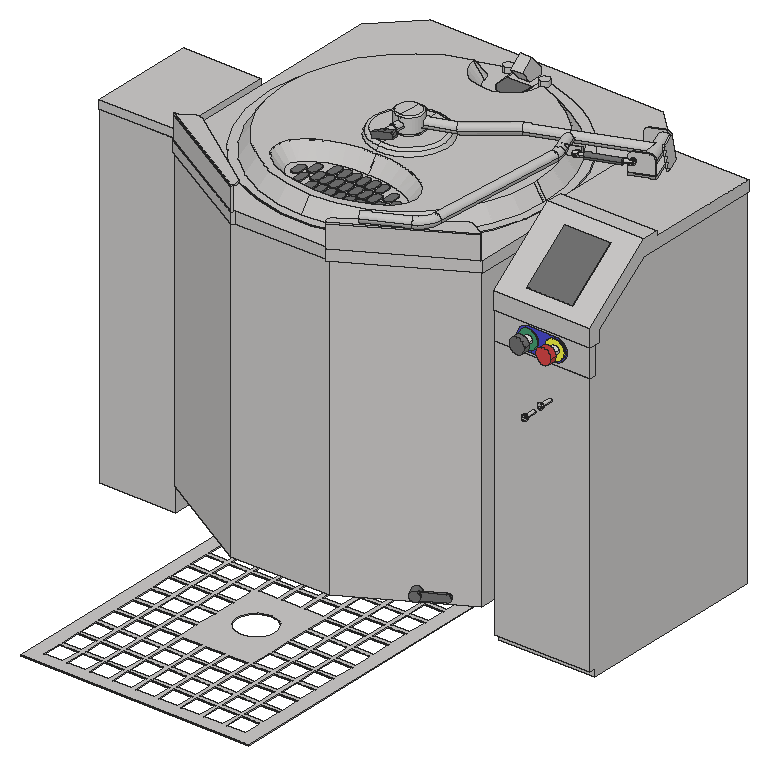
Revit family "QF_DIETATEC_CELER_200_180516040045", category Specialty Equipment, Revit 2015 (continued)
Definition of nested family "QF_Dietatec_CELER_200_FL"
  Lines and regions (mm)
    symbolic lines
      curve 132: line (568.963, -1259.201, 0) -> (568.963, -1209.201, 0)
      curve 133: line (578.963, -1259.201, 0) -> (628.963, -1259.201, 0)
      curve 134: line (578.963, -1209.201, 0) -> (578.963, -1259.201, 0)
      curve 135: line (628.963, -1209.201, 0) -> (578.963, -1209.201, 0)
      curve 136: line (628.963, -1259.201, 0) -> (628.963, -1209.201, 0)
      curve 137: line (638.963, -1259.201, 0) -> (688.963, -1259.201, 0)
      curve 138: line (638.963, -1209.201, 0) -> (638.963, -1259.201, 0)
      curve 139: line (688.963, -1209.201, 0) -> (638.963, -1209.201, 0)
      curve 140: line (688.963, -1259.201, 0) -> (688.963, -1209.201, 0)
      curve 141: line (158.963, -1199.201, 0) -> (208.963, -1199.201, 0)
      curve 142: line (158.963, -1149.201, 0) -> (158.963, -1199.201, 0)
      curve 143: line (208.963, -1149.201, 0) -> (158.963, -1149.201, 0)
      curve 144: line (208.963, -1199.201, 0) -> (208.963, -1149.201, 0)
      curve 145: line (218.963, -1199.201, 0) -> (268.963, -1199.201, 0)
      curve 146: line (218.963, -1149.201, 0) -> (218.963, -1199.201, 0)
      curve 147: line (268.963, -1149.201, 0) -> (218.963, -1149.201, 0)
      curve 148: line (268.963, -1199.201, 0) -> (268.963, -1149.201, 0)
      curve 149: line (278.963, -1199.201, 0) -> (328.963, -1199.201, 0)
      curve 150: line (278.963, -1149.201, 0) -> (278.963, -1199.201, 0)
      curve 151: line (328.963, -1149.201, 0) -> (278.963, -1149.201, 0)
      curve 152: line (328.963, -1199.201, 0) -> (328.963, -1149.201, 0)
      curve 153: line (338.963, -1199.201, 0) -> (388.963, -1199.201, 0)
      curve 154: line (338.963, -1149.201, 0) -> (338.963, -1199.201, 0)
      curve 155: line (388.963, -1149.201, 0) -> (338.963, -1149.201, 0)
      curve 156: line (388.963, -1199.201, 0) -> (388.963, -1149.201, 0)
      curve 157: line (398.963, -1199.201, 0) -> (448.963, -1199.201, 0)
      curve 158: line (398.963, -1149.201, 0) -> (398.963, -1199.201, 0)
      curve 159: line (448.963, -1149.201, 0) -> (398.963, -1149.201, 0)
      curve 160: line (448.963, -1199.201, 0) -> (448.963, -1149.201, 0)
      curve 161: line (458.963, -1199.201, 0) -> (508.963, -1199.201, 0)
      curve 162: line (458.963, -1149.201, 0) -> (458.963, -1199.201, 0)
      curve 163: line (508.963, -1149.201, 0) -> (458.963, -1149.201, 0)
      curve 164: line (508.963, -1199.201, 0) -> (508.963, -1149.201, 0)
      curve 165: line (518.963, -1199.201, 0) -> (568.963, -1199.201, 0)
      curve 166: line (518.963, -1149.201, 0) -> (518.963, -1199.201, 0)
      curve 167: line (568.963, -1149.201, 0) -> (518.963, -1149.201, 0)
      curve 168: line (568.963, -1199.201, 0) -> (568.963, -1149.201, 0)
      curve 169: line (578.963, -1199.201, 0) -> (628.963, -1199.201, 0)
      curve 170: line (578.963, -1149.201, 0) -> (578.963, -1199.201, 0)
      curve 171: line (628.963, -1149.201, 0) -> (578.963, -1149.201, 0)
      curve 172: line (628.963, -1199.201, 0) -> (628.963, -1149.201, 0)
      curve 173: line (638.963, -1199.201, 0) -> (688.963, -1199.201, 0)
      curve 174: line (638.963, -1149.201, 0) -> (638.963, -1199.201, 0)
      curve 175: line (688.963, -1149.201, 0) -> (638.963, -1149.201, 0)
      curve 176: line (688.963, -1199.201, 0) -> (688.963, -1149.201, 0)
      curve 177: line (158.963, -1139.201, 0) -> (208.963, -1139.201, 0)
      curve 178: line (158.963, -1089.201, 0) -> (158.963, -1139.201, 0)
      curve 179: line (208.963, -1089.201, 0) -> (158.963, -1089.201, 0)
      curve 180: line (208.963, -1139.201, 0) -> (208.963, -1089.201, 0)
      curve 181: line (218.963, -1139.201, 0) -> (268.963, -1139.201, 0)
      curve 182: line (218.963, -1089.201, 0) -> (218.963, -1139.201, 0)
      curve 183: line (268.963, -1089.201, 0) -> (218.963, -1089.201, 0)
      curve 184: line (268.963, -1139.201, 0) -> (268.963, -1089.201, 0)
      curve 185: line (278.963, -1139.201, 0) -> (328.963, -1139.201, 0)
      curve 186: line (278.963, -1089.201, 0) -> (278.963, -1139.201, 0)
      curve 187: line (328.963, -1089.201, 0) -> (278.963, -1089.201, 0)
      curve 188: line (328.963, -1139.201, 0) -> (328.963, -1089.201, 0)
      curve 189: line (338.963, -1139.201, 0) -> (388.963, -1139.201, 0)
      curve 190: line (338.963, -1089.201, 0) -> (338.963, -1139.201, 0)
      curve 191: line (388.963, -1089.201, 0) -> (338.963, -1089.201, 0)
      curve 192: line (388.963, -1139.201, 0) -> (388.963, -1089.201, 0)
      curve 193: line (398.963, -1139.201, 0) -> (448.963, -1139.201, 0)
      curve 194: line (398.963, -1089.201, 0) -> (398.963, -1139.201, 0)
      curve 195: line (448.963, -1089.201, 0) -> (398.963, -1089.201, 0)
      curve 196: line (448.963, -1139.201, 0) -> (448.963, -1089.201, 0)
      curve 197: line (458.963, -1139.201, 0) -> (508.963, -1139.201, 0)
      curve 198: line (458.963, -1089.201, 0) -> (458.963, -1139.201, 0)
      curve 199: line (508.963, -1089.201, 0) -> (458.963, -1089.201, 0)
      curve 200: line (508.963, -1139.201, 0) -> (508.963, -1089.201, 0)
      curve 201: line (518.963, -1139.201, 0) -> (568.963, -1139.201, 0)
      curve 202: line (518.963, -1089.201, 0) -> (518.963, -1139.201, 0)
      curve 203: line (568.963, -1089.201, 0) -> (518.963, -1089.201, 0)
      curve 204: line (568.963, -1139.201, 0) -> (568.963, -1089.201, 0)
      curve 205: line (578.963, -1139.201, 0) -> (628.963, -1139.201, 0)
      curve 206: line (578.963, -1089.201, 0) -> (578.963, -1139.201, 0)
      curve 207: line (628.963, -1089.201, 0) -> (578.963, -1089.201, 0)
      curve 208: line (628.963, -1139.201, 0) -> (628.963, -1089.201, 0)
      curve 209: line (638.963, -1139.201, 0) -> (688.963, -1139.201, 0)
      curve 210: line (638.963, -1089.201, 0) -> (638.963, -1139.201, 0)
      curve 211: line (688.963, -1089.201, 0) -> (638.963, -1089.201, 0)
      curve 212: line (688.963, -1139.201, 0) -> (688.963, -1089.201, 0)
      curve 213: line (158.963, -1079.201, 0) -> (208.963, -1079.201, 0)
      curve 214: line (158.963, -1029.201, 0) -> (158.963, -1079.201, 0)
      curve 215: line (208.963, -1029.201, 0) -> (158.963, -1029.201, 0)
      curve 216: line (208.963, -1079.201, 0) -> (208.963, -1029.201, 0)
      curve 217: line (218.963, -1079.201, 0) -> (268.963, -1079.201, 0)
      curve 218: line (218.963, -1029.201, 0) -> (218.963, -1079.201, 0)
      curve 219: line (268.963, -1029.201, 0) -> (218.963, -1029.201, 0)
      curve 220: line (268.963, -1079.201, 0) -> (268.963, -1029.201, 0)
      curve 221: line (278.963, -1079.201, 0) -> (328.963, -1079.201, 0)
      curve 222: line (278.963, -1029.201, 0) -> (278.963, -1079.201, 0)
      curve 223: line (328.963, -1029.201, 0) -> (278.963, -1029.201, 0)
      curve 224: line (328.963, -1079.201, 0) -> (328.963, -1029.201, 0)
      curve 225: line (518.963, -1079.201, 0) -> (568.963, -1079.201, 0)
      curve 226: line (518.963, -1029.201, 0) -> (518.963, -1079.201, 0)
      curve 227: line (568.963, -1029.201, 0) -> (518.963, -1029.201, 0)
      curve 228: line (568.963, -1079.201, 0) -> (568.963, -1029.201, 0)
      curve 229: line (578.963, -1079.201, 0) -> (628.963, -1079.201, 0)
      curve 230: line (578.963, -1029.201, 0) -> (578.963, -1079.201, 0)
      curve 231: line (628.963, -1029.201, 0) -> (578.963, -1029.201, 0)
      curve 232: line (628.963, -1079.201, 0) -> (628.963, -1029.201, 0)
      curve 233: line (638.963, -1079.201, 0) -> (688.963, -1079.201, 0)
      curve 234: line (638.963, -1029.201, 0) -> (638.963, -1079.201, 0)
      curve 235: line (688.963, -1029.201, 0) -> (638.963, -1029.201, 0)
      curve 236: line (688.963, -1079.201, 0) -> (688.963, -1029.201, 0)
      curve 237: line (158.963, -1019.201, 0) -> (208.963, -1019.201, 0)
      curve 238: line (158.963, -969.201, 0) -> (158.963, -1019.201, 0)
      curve 239: line (208.963, -969.201, 0) -> (158.963, -969.201, 0)
      curve 240: line (208.963, -1019.201, 0) -> (208.963, -969.201, 0)
      curve 241: line (218.963, -1019.201, 0) -> (268.963, -1019.201, 0)
      curve 242: line (218.963, -969.201, 0) -> (218.963, -1019.201, 0)
      curve 243: line (268.963, -969.201, 0) -> (218.963, -969.201, 0)
      curve 244: line (268.963, -1019.201, 0) -> (268.963, -969.201, 0)
      curve 245: line (278.963, -1019.201, 0) -> (328.963, -1019.201, 0)
      curve 246: line (278.963, -969.201, 0) -> (278.963, -1019.201, 0)
      curve 247: line (328.963, -969.201, 0) -> (278.963, -969.201, 0)
      curve 248: line (328.963, -1019.201, 0) -> (328.963, -969.201, 0)
      curve 249: line (518.963, -1019.201, 0) -> (568.963, -1019.201, 0)
      curve 250: line (518.963, -969.201, 0) -> (518.963, -1019.201, 0)
      curve 251: line (568.963, -969.201, 0) -> (518.963, -969.201, 0)
      curve 252: line (568.963, -1019.201, 0) -> (568.963, -969.201, 0)
      curve 253: line (578.963, -1019.201, 0) -> (628.963, -1019.201, 0)
      curve 254: line (578.963, -969.201, 0) -> (578.963, -1019.201, 0)
      curve 255: line (628.963, -969.201, 0) -> (578.963, -969.201, 0)
      curve 256: line (628.963, -1019.201, 0) -> (628.963, -969.201, 0)
      curve 257: line (638.963, -1019.201, 0) -> (688.963, -1019.201, 0)
      curve 258: line (638.963, -969.201, 0) -> (638.963, -1019.201, 0)
      curve 259: line (688.963, -969.201, 0) -> (638.963, -969.201, 0)
      curve 260: line (688.963, -1019.201, 0) -> (688.963, -969.201, 0)
      curve 261: line (158.963, -959.201, 0) -> (208.963, -959.201, 0)
      curve 262: line (158.963, -909.201, 0) -> (158.963, -959.201, 0)
      curve 263: line (208.963, -909.201, 0) -> (158.963, -909.201, 0)
      curve 264: line (208.963, -959.201, 0) -> (208.963, -909.201, 0)
      curve 265: line (218.963, -959.201, 0) -> (268.963, -959.201, 0)
      curve 266: line (218.963, -909.201, 0) -> (218.963, -959.201, 0)
      curve 267: line (268.963, -909.201, 0) -> (218.963, -909.201, 0)
      curve 268: line (268.963, -959.201, 0) -> (268.963, -909.201, 0)
      curve 269: line (278.963, -959.201, 0) -> (328.963, -959.201, 0)
      curve 270: line (278.963, -909.201, 0) -> (278.963, -959.201, 0)
      curve 271: line (328.963, -909.201, 0) -> (278.963, -909.201, 0)
      curve 272: line (328.963, -959.201, 0) -> (328.963, -909.201, 0)
      curve 273: line (518.963, -959.201, 0) -> (568.963, -959.201, 0)
      curve 274: line (518.963, -909.201, 0) -> (518.963, -959.201, 0)
      curve 275: line (568.963, -909.201, 0) -> (518.963, -909.201, 0)
      curve 276: line (568.963, -959.201, 0) -> (568.963, -909.201, 0)
      curve 277: line (578.963, -959.201, 0) -> (628.963, -959.201, 0)
      curve 278: line (578.963, -909.201, 0) -> (578.963, -959.201, 0)
      curve 279: line (628.963, -909.201, 0) -> (578.963, -909.201, 0)
      curve 280: line (628.963, -959.201, 0) -> (628.963, -909.201, 0)
      curve 281: line (638.963, -959.201, 0) -> (688.963, -959.201, 0)
      curve 282: line (638.963, -909.201, 0) -> (638.963, -959.201, 0)
      curve 283: line (688.963, -909.201, 0) -> (638.963, -909.201, 0)
      curve 284: line (688.963, -959.201, 0) -> (688.963, -909.201, 0)
      curve 285: line (158.963, -899.201, 0) -> (208.963, -899.201, 0)
      curve 286: line (158.963, -849.201, 0) -> (158.963, -899.201, 0)
      curve 287: line (208.963, -849.201, 0) -> (158.963, -849.201, 0)
      curve 288: line (208.963, -899.201, 0) -> (208.963, -849.201, 0)
      curve 289: line (218.963, -899.201, 0) -> (268.963, -899.201, 0)
      curve 290: line (218.963, -849.201, 0) -> (218.963, -899.201, 0)
      curve 291: line (242.625, -849.201, 0) -> (218.963, -849.201, 0)
      curve 292: line (268.963, -899.201, 0) -> (268.963, -864.407, 0)
      curve 293: line (278.963, -899.201, 0) -> (328.963, -899.201, 0)
      curve 294: line (278.963, -870.18, 0) -> (278.963, -899.201, 0)
      curve 295: line (328.963, -899.201, 0) -> (328.963, -874.954, 0)
      curve 296: line (518.963, -899.201, 0) -> (568.963, -899.201, 0)
      curve 297: line (518.963, -874.954, 0) -> (518.963, -899.201, 0)
      curve 298: line (568.963, -899.201, 0) -> (568.963, -870.18, 0)
      curve 299: line (578.963, -899.201, 0) -> (628.963, -899.201, 0)
      curve 300: line (578.963, -864.407, 0) -> (578.963, -899.201, 0)
      curve 301: line (628.963, -899.201, 0) -> (628.963, -867.899, 0)
      curve 302: line (638.963, -899.201, 0) -> (688.963, -899.201, 0)
      curve 303: line (638.963, -863.022, 0) -> (638.963, -899.201, 0)
      curve 304: line (688.963, -849.201, 0) -> (667.3, -849.201, 0)
      curve 305: line (688.963, -899.201, 0) -> (688.963, -849.201, 0)
      curve 306: arc (735.97, -766.993, 0) -> (729.638, -785.381, 0) -> (714.961, -798.14, 0) r 37.57
      curve 307: arc (726.303, -820.423, 0) -> (750.495, -799.394, 0) -> (760.931, -769.086, 0) r 61.924
      curve 308: arc (785.792, -413.556, 0) -> (785.254, -399.87, 0) -> (781.767, -386.625, 0) r 62.903
      curve 309: arc (758.563, -395.937, 0) -> (760.542, -403.456, 0) -> (760.848, -411.226, 0) r 35.711
      curve 310: line (806.484, -360.326, 0) -> (776.143, -371.973, 0)
      curve 311: line (777.218, -374.774, 0) -> (807.559, -363.127, 0)
      curve 312: line (807.559, -363.127, 0) -> (806.484, -360.326, 0)
      curve 313: line (792.347, -354.774, 0) -> (796.081, -353.34, 0)
      curve 314: line (804.654, -367.303, 0) -> (795.318, -370.886, 0)
      curve 315: line (803.116, -384.643, 0) -> (808.064, -382.743, 0)
      curve 316: line (817.683, -362.877, 0) -> (823.059, -376.88, 0)
      curve 317: line (894.237, -333.491, 0) -> (899.612, -347.494, 0)
      curve 318: line (792.347, -354.774, 0) -> (791.771, -356.066, 0)
      curve 319: line (791.771, -356.066, 0) -> (795.086, -364.701, 0)
      curve 320: line (795.318, -370.886, 0) -> (794.294, -368.219, 0)
      curve 321: line (796.081, -353.34, 0) -> (797.373, -353.916, 0)
      curve 322: line (797.373, -353.916, 0) -> (800.688, -362.551, 0)
      curve 323: line (804.654, -367.303, 0) -> (803.63, -364.635, 0)
      curve 324: line (803.116, -384.643, 0) -> (802.005, -381.749, 0)
      curve 325: line (798.739, -373.362, 0) -> (797.182, -370.171, 0)
      curve 326: line (808.064, -382.743, 0) -> (806.953, -379.849, 0)
      curve 327: line (803.769, -371.431, 0) -> (802.79, -368.018, 0)
      curve 328: line (795.079, -374.767, 0) -> (818.758, -365.677, 0)
      curve 329: line (798.304, -383.169, 0) -> (821.984, -374.08, 0)
      curve 330: arc (795.079, -374.767, 0) -> (795.405, -379.462, 0) -> (798.304, -383.169, 0) r 8.039
      curve 331: line (817.683, -362.877, 0) -> (894.237, -333.491, 0)
      curve 332: line (823.059, -376.88, 0) -> (899.612, -347.494, 0)
      curve 333: line (918.988, -327.203, 0) -> (895.312, -336.291, 0)
      curve 334: line (922.213, -335.605, 0) -> (898.537, -344.693, 0)
      curve 335: arc (918.988, -327.203, 0) -> (921.884, -330.911, 0) -> (922.213, -335.605, 0) r 8.055
      curve 336: line (914.679, -341.818, 0) -> (919.627, -339.919, 0)
      curve 337: line (919.627, -339.919, 0) -> (918.516, -337.024, 0)
      curve 338: line (915.331, -328.606, 0) -> (914.353, -325.193, 0)
      curve 339: line (914.679, -341.818, 0) -> (913.568, -338.924, 0)
      curve 340: line (910.302, -330.537, 0) -> (908.745, -327.346, 0)
      curve 341: line (906.881, -328.061, 0) -> (916.217, -324.478, 0)
      curve 342: line (916.217, -324.478, 0) -> (915.103, -321.577, 0)
      curve 343: line (906.881, -328.061, 0) -> (905.768, -325.161, 0)
      curve 344: line (903.334, -313.241, 0) -> (903.909, -311.949, 0)
      curve 345: line (903.909, -311.949, 0) -> (907.644, -310.515, 0)
      curve 346: line (907.644, -310.515, 0) -> (908.936, -311.091, 0)
      curve 347: line (908.936, -311.091, 0) -> (911.803, -318.559, 0)
      curve 348: line (903.334, -313.241, 0) -> (906.201, -320.709, 0)
      curve 349: line (883.912, -287.759, 0) -> (899.232, -327.669, 0)
      curve 350: line (118, -0.009, 0) -> (17.528, -100.481, 0)
      curve 351: line (17.528, -100.481, 0) -> (17.528, -719.241, 0)
      curve 352: line (19.933, -720.63, 0) -> (123.963, -780.691, 0)
      curve 353: line (548.244, -882.143, 0) -> (734.668, -774.51, 0)
      curve 354: line (830.397, -719.241, 0) -> (830.397, -100.481, 0)
      curve 355: line (830.397, -100.481, 0) -> (729.925, -0.009, 0)
      curve 356: line (118, -0.009, 0) -> (729.925, -0.009, 0)
      curve 357: line (1.502, -511.058, 0) -> (0, -511.058, 0)
      curve 358: line (1.502, -511.058, 0) -> (1.502, -516.614, 0)
      curve 359: line (1.502, -516.614, 0) -> (15.667, -516.614, 0)
      curve 360: line (15.667, -516.614, 0) -> (15.667, -515.478, 0)
      curve 361: line (15.667, -515.478, 0) -> (17.528, -515.478, 0)
      curve 362: line (1.502, -611.167, 0) -> (0, -611.167, 0)
      curve 363: line (1.502, -611.167, 0) -> (1.502, -605.611, 0)
      curve 364: line (1.502, -605.611, 0) -> (15.667, -605.611, 0)
      curve 365: line (15.667, -605.611, 0) -> (15.667, -606.747, 0)
      curve 366: line (15.667, -606.747, 0) -> (17.528, -606.747, 0)
      curve 367: line (846.423, -511.058, 0) -> (847.351, -511.058, 0)
      curve 368: line (846.423, -511.058, 0) -> (846.423, -516.614, 0)
      curve 369: line (846.423, -516.614, 0) -> (831.423, -516.614, 0)
      curve 370: line (832.258, -516.614, 0) -> (832.258, -515.478, 0)
      curve 371: line (832.258, -515.478, 0) -> (830.397, -515.478, 0)
      curve 372: line (846.423, -611.167, 0) -> (847.351, -611.167, 0)
      curve 373: line (846.423, -611.167, 0) -> (846.423, -605.611, 0)
      curve 374: line (846.423, -605.611, 0) -> (832.258, -605.611, 0)
      curve 375: line (832.258, -605.611, 0) -> (832.258, -606.747, 0)
      curve 376: line (832.258, -606.747, 0) -> (830.397, -606.747, 0)
      curve 377: line (787.247, -764.939, 0) -> (789.747, -769.269, 0)
      curve 378: line (789.747, -769.269, 0) -> (756.326, -788.564, 0)
      curve 379: line (787.247, -764.939, 0) -> (758.819, -781.351, 0)
      curve 380: arc (417.166, -548.182, 0) -> (326.772, -444.196, 0) -> (430.759, -353.802, 0) r 97.428
      curve 381: arc (430.759, -353.802, 0) -> (476.735, -369.094, 0) -> (509.659, -404.642, 0) r 97.428
      curve 382: line (21.683, -717.599, 0) -> (19.933, -720.63, 0)
      curve 383: line (28.256, -715.851, 0) -> (21.683, -717.599, 0)
      curve 384: line (56.229, -699.701, 0) -> (28.256, -715.851, 0)
      curve 385: arc (77.724, -700.639, 0) -> (67.113, -697.037, 0) -> (56.229, -699.701, 0) r 20.022
      curve 386: line (295.378, -853.042, 0) -> (77.724, -700.639, 0)
      curve 387: arc (301.234, -879.454, 0) -> (303.441, -865.11, 0) -> (295.378, -853.042, 0) r 20.022
      curve 388: line (299.681, -882.143, 0) -> (301.234, -879.454, 0)
      curve 389: line (123.963, -780.691, 0) -> (299.681, -882.143, 0)
      curve 390: line (303.831, -874.954, 0) -> (544.094, -874.954, 0)
      curve 391: arc (552.547, -853.042, 0) -> (544.484, -865.11, 0) -> (546.691, -879.454, 0) r 20.022
      curve 392: line (546.691, -879.454, 0) -> (548.244, -882.143, 0)
      curve 393: line (770.201, -700.639, 0) -> (765.486, -703.94, 0)
      curve 394: arc (791.696, -699.701, 0) -> (780.812, -697.037, 0) -> (770.201, -700.639, 0) r 20.022
      curve 395: line (819.669, -715.851, 0) -> (791.696, -699.701, 0)
      curve 396: line (826.242, -717.599, 0) -> (819.669, -715.851, 0)
      curve 397: line (827.992, -720.63, 0) -> (826.242, -717.599, 0)
      curve 398: line (707.033, -802.007, 0) -> (702.036, -793.351, 0)
      curve 399: line (727.082, -788.746, 0) -> (722.815, -781.354, 0)
      curve 400: arc (373.388, -53.748, 0) -> (333.109, -65.59, 0) -> (293.965, -80.765, 0) r 500.546
      curve 401: arc (293.965, -80.765, 0) -> (251.378, -100.836, 0) -> (211.77, -126.287, 0) r 360.393
      curve 402: arc (211.77, -126.287, 0) -> (91.855, -260.942, 0) -> (48.553, -435.976, 0) r 375.41
      curve 403: line (48.553, -435.976, 0) -> (48.553, -450.992, 0)
      curve 404: arc (48.553, -450.992, 0) -> (322.372, -812.395, 0) -> (744.389, -646.591, 0) r 375.41
      curve 405: line (799.372, -450.992, 0) -> (799.372, -435.976, 0)
      curve 406: arc (799.372, -435.976, 0) -> (795.269, -380.621, 0) -> (783.048, -326.477, 0) r 375.41
      curve 407: arc (553.96, -80.765, 0) -> (514.816, -65.59, 0) -> (474.537, -53.748, 0) r 500.546
      curve 408: arc (636.155, -126.287, 0) -> (596.547, -100.836, 0) -> (553.96, -80.765, 0) r 360.393
      curve 409: arc (471.472, -78.41, 0) -> (458.953, -65.891, 0) -> (471.472, -53.372, 0) r 12.519
      curve 410: arc (471.472, -53.372, 0) -> (483.991, -65.891, 0) -> (471.472, -78.41, 0) r 12.519
      curve 411: line (459.001, -63.727, 0) -> (459.001, -79.406, 0)
      curve 412: arc (454.98, -123.634, 0) -> (457.993, -101.611, 0) -> (459.001, -79.406, 0) r 245.268
      curve 413: arc (392.945, -123.634, 0) -> (423.963, -149.482, 0) -> (454.98, -123.634, 0) r 31.534
      curve 414: arc (389.143, -89.77, 0) -> (390.455, -106.768, 0) -> (392.945, -123.634, 0) r 245.268
      curve 415: arc (392.945, -123.634, 0) -> (389.932, -101.611, 0) -> (388.924, -79.406, 0) r 245.268
      curve 416: line (388.924, -79.406, 0) -> (388.924, -63.727, 0)
      curve 417: arc (376.453, -78.41, 0) -> (388.972, -65.891, 0) -> (376.453, -53.372, 0) r 12.519
      curve 418: arc (376.453, -53.372, 0) -> (363.934, -65.891, 0) -> (376.453, -78.41, 0) r 12.519
      curve 419: arc (458.782, -89.77, 0) -> (448.89, -88.953, 0) -> (438.979, -88.407, 0) r 362.896
      curve 420: line (408.946, -37.248, 0) -> (408.946, -98.033, 0)
      curve 421: line (408.946, -98.033, 0) -> (438.979, -98.033, 0)
      curve 422: line (438.979, -98.033, 0) -> (438.979, -37.248, 0)
      curve 423: line (408.946, -73.721, 0) -> (438.979, -73.721, 0)
      curve 424: line (438.979, -37.248, 0) -> (408.946, -37.248, 0)
      curve 425: arc (330.575, -127.323, 0) -> (161.603, -245.354, 0) -> (96.697, -440.981, 0) r 327.265
      curve 426: arc (336.201, -130.917, 0) -> (334.209, -127.834, 0) -> (330.575, -127.323, 0) r 4.413
      curve 427: arc (511.724, -130.917, 0) -> (423.963, -206.817, 0) -> (336.201, -130.917, 0) r 88.689
      curve 428: arc (517.35, -127.323, 0) -> (513.716, -127.834, 0) -> (511.724, -130.917, 0) r 4.413
      curve 429: arc (751.228, -440.981, 0) -> (747.555, -392.091, 0) -> (736.62, -344.299, 0) r 327.265
      curve 430: line (96.697, -440.981, 0) -> (96.697, -450.992, 0)
      curve 431: arc (96.697, -450.992, 0) -> (423.963, -778.257, 0) -> (751.228, -450.992, 0) r 327.265
      curve 432: line (751.228, -450.992, 0) -> (751.228, -440.981, 0)
      curve 433: line (158.963, -839.201, 0) -> (158.963, -800.898, 0)
      curve 434: line (158.963, -839.201, 0) -> (208.963, -839.201, 0)
      curve 435: line (208.963, -839.201, 0) -> (208.963, -829.766, 0)
      curve 436: line (761.64, -758.938, 0) -> (827.992, -720.63, 0)
      curve 437: line (723.963, -821.565, 0) -> (726.303, -820.423, 0)
      curve 438: line (761.64, -758.938, 0) -> (785.792, -413.556, 0)
      curve 439: arc (518.633, -427.976, 0) -> (498.413, -513.836, 0) -> (417.166, -548.182, 0) r 97.428
      curve 440: arc (728.324, -320.705, 0) -> (645.097, -199.73, 0) -> (517.35, -127.323, 0) r 327.265
      curve 441: arc (774.958, -302.804, 0) -> (719.063, -203.924, 0) -> (636.155, -126.287, 0) r 375.41
      curve 442: arc (773.618, -587.641, 0) -> (792.877, -520.52, 0) -> (799.372, -450.992, 0) r 375.41
      curve 443: line (739.086, -722.426, 0) -> (552.547, -853.042, 0)
      curve 444: arc (408.946, -88.407, 0) -> (399.035, -88.953, 0) -> (389.143, -89.77, 0) r 362.896
      curve 445: spline (423.963, -758.152, 0) -> (376.207, -754.738, 0) -> (331.706, -744.727, 0) -> (293.492, -728.803, 0) -> (264.17, -708.049, 0) -> (245.737, -683.882, 0) -> (239.45, -657.947, 0) -> (245.737, -632.012, 0) -> (264.17, -607.844, 0) -> (293.492, -587.091, 0) -> (331.706, -571.166, 0) -> (376.207, -561.156, 0) -> (423.963, -557.741, 0)
      curve 446: spline (423.963, -586.692, 0) -> (383.846, -589.12, 0) -> (346.463, -596.239, 0) -> (314.361, -607.562, 0) -> (289.729, -622.32, 0) -> (274.244, -639.505, 0) -> (268.963, -657.947, 0) -> (274.244, -676.389, 0) -> (289.729, -693.574, 0) -> (314.361, -708.331, 0) -> (346.463, -719.655, 0) -> (383.846, -726.773, 0) -> (423.963, -729.201, 0)
      curve 447: spline (423.963, -729.201, 0) -> (464.079, -726.773, 0) -> (501.463, -719.655, 0) -> (533.564, -708.331, 0) -> (558.196, -693.574, 0) -> (573.681, -676.389, 0) -> (578.963, -657.947, 0) -> (573.681, -639.505, 0) -> (558.196, -622.32, 0) -> (533.564, -607.562, 0) -> (501.463, -596.239, 0) -> (464.079, -589.12, 0) -> (423.963, -586.692, 0)
      curve 448: spline (423.963, -557.741, 0) -> (471.718, -561.156, 0) -> (516.219, -571.166, 0) -> (554.433, -587.091, 0) -> (583.755, -607.844, 0) -> (602.188, -632.012, 0) -> (608.475, -657.947, 0) -> (602.188, -683.882, 0) -> (583.755, -708.049, 0) -> (554.433, -728.803, 0) -> (516.219, -744.727, 0) -> (471.718, -754.738, 0) -> (423.963, -758.152, 0)
      curve 449: line (288.278, -647.947, 0) -> (288.278, -667.947, 0)
      curve 450: arc (308.278, -647.947, 0) -> (298.278, -637.947, 0) -> (288.278, -647.947, 0) r 10
      curve 451: line (308.278, -667.947, 0) -> (308.278, -647.947, 0)
      curve 452: arc (288.278, -667.947, 0) -> (298.278, -677.947, 0) -> (308.278, -667.947, 0) r 10
      curve 453: line (313.278, -670.447, 0) -> (313.278, -690.447, 0)
      curve 454: arc (333.278, -670.447, 0) -> (323.278, -660.447, 0) -> (313.278, -670.447, 0) r 10
      curve 455: line (333.278, -690.447, 0) -> (333.278, -670.447, 0)
      curve 456: arc (313.278, -690.447, 0) -> (323.278, -700.447, 0) -> (333.278, -690.447, 0) r 10
      curve 457: arc (313.278, -645.447, 0) -> (323.278, -655.447, 0) -> (333.278, -645.447, 0) r 10
      curve 458: line (313.278, -625.447, 0) -> (313.278, -645.447, 0)
      curve 459: arc (333.278, -625.447, 0) -> (323.278, -615.447, 0) -> (313.278, -625.447, 0) r 10
      curve 460: line (333.278, -645.447, 0) -> (333.278, -625.447, 0)
      curve 461: line (338.278, -647.947, 0) -> (338.278, -667.947, 0)
      curve 462: arc (338.278, -667.947, 0) -> (348.278, -677.947, 0) -> (358.278, -667.947, 0) r 10
      curve 463: arc (358.278, -647.947, 0) -> (348.278, -637.947, 0) -> (338.278, -647.947, 0) r 10
      curve 464: line (358.278, -667.947, 0) -> (358.278, -647.947, 0)
      curve 465: arc (370.778, -688.947, 0) -> (360.778, -678.947, 0) -> (350.778, -688.947, 0) r 10
      curve 466: line (350.778, -688.947, 0) -> (350.778, -708.947, 0)
      curve 467: arc (350.778, -708.947, 0) -> (360.778, -718.947, 0) -> (370.778, -708.947, 0) r 10
      curve 468: line (370.778, -708.947, 0) -> (370.778, -688.947, 0)
      curve 469: arc (350.778, -626.947, 0) -> (360.778, -636.947, 0) -> (370.778, -626.947, 0) r 10
      curve 470: line (350.778, -606.947, 0) -> (350.778, -626.947, 0)
      curve 471: arc (370.778, -606.947, 0) -> (360.778, -596.947, 0) -> (350.778, -606.947, 0) r 10
      curve 472: line (370.778, -626.947, 0) -> (370.778, -606.947, 0)
      curve 473: arc (363.278, -667.947, 0) -> (373.278, -677.947, 0) -> (383.278, -667.947, 0) r 10
      curve 474: line (363.278, -647.947, 0) -> (363.278, -667.947, 0)
      curve 475: arc (383.278, -647.947, 0) -> (373.278, -637.947, 0) -> (363.278, -647.947, 0) r 10
      curve 476: line (383.278, -667.947, 0) -> (383.278, -647.947, 0)
      curve 477: line (375.778, -688.947, 0) -> (375.778, -708.947, 0)
      curve 478: arc (395.778, -688.947, 0) -> (385.778, -678.947, 0) -> (375.778, -688.947, 0) r 10
      curve 479: line (395.778, -708.947, 0) -> (395.778, -688.947, 0)
      curve 480: arc (375.778, -708.947, 0) -> (385.778, -718.947, 0) -> (395.778, -708.947, 0) r 10
      curve 481: arc (375.778, -626.947, 0) -> (385.778, -636.947, 0) -> (395.778, -626.947, 0) r 10
      curve 482: line (375.778, -606.947, 0) -> (375.778, -626.947, 0)
      curve 483: arc (395.778, -606.947, 0) -> (385.778, -596.947, 0) -> (375.778, -606.947, 0) r 10
      curve 484: line (395.778, -626.947, 0) -> (395.778, -606.947, 0)
      curve 485: arc (408.278, -647.947, 0) -> (398.278, -637.947, 0) -> (388.278, -647.947, 0) r 10
      curve 486: line (388.278, -647.947, 0) -> (388.278, -667.947, 0)
      curve 487: arc (388.278, -667.947, 0) -> (398.278, -677.947, 0) -> (408.278, -667.947, 0) r 10
      curve 488: line (408.278, -667.947, 0) -> (408.278, -647.947, 0)
      curve 489: arc (420.778, -688.947, 0) -> (410.778, -678.947, 0) -> (400.778, -688.947, 0) r 10
      curve 490: line (400.778, -688.947, 0) -> (400.778, -708.947, 0)
      curve 491: arc (400.778, -708.947, 0) -> (410.778, -718.947, 0) -> (420.778, -708.947, 0) r 10
      curve 492: line (420.778, -708.947, 0) -> (420.778, -688.947, 0)
      curve 493: arc (400.778, -626.947, 0) -> (410.778, -636.947, 0) -> (420.778, -626.947, 0) r 10
      curve 494: line (400.778, -606.947, 0) -> (400.778, -626.947, 0)
      curve 495: arc (420.778, -606.947, 0) -> (410.778, -596.947, 0) -> (400.778, -606.947, 0) r 10
      curve 496: line (420.778, -626.947, 0) -> (420.778, -606.947, 0)
      curve 497: arc (433.278, -647.947, 0) -> (423.278, -637.947, 0) -> (413.278, -647.947, 0) r 10
      curve 498: line (413.278, -647.947, 0) -> (413.278, -667.947, 0)
      curve 499: line (433.278, -667.947, 0) -> (433.278, -647.947, 0)
      curve 500: arc (413.278, -667.947, 0) -> (423.278, -677.947, 0) -> (433.278, -667.947, 0) r 10
      curve 501: arc (445.778, -688.947, 0) -> (435.778, -678.947, 0) -> (425.778, -688.947, 0) r 10
      curve 502: line (425.778, -688.947, 0) -> (425.778, -708.947, 0)
      curve 503: line (445.778, -708.947, 0) -> (445.778, -688.947, 0)
      curve 504: arc (425.778, -708.947, 0) -> (435.778, -718.947, 0) -> (445.778, -708.947, 0) r 10
      curve 505: arc (425.778, -626.947, 0) -> (435.778, -636.947, 0) -> (445.778, -626.947, 0) r 10
      curve 506: line (425.778, -606.947, 0) -> (425.778, -626.947, 0)
      curve 507: arc (445.778, -606.947, 0) -> (435.778, -596.947, 0) -> (425.778, -606.947, 0) r 10
      curve 508: line (445.778, -626.947, 0) -> (445.778, -606.947, 0)
      curve 509: arc (458.278, -647.947, 0) -> (448.278, -637.947, 0) -> (438.278, -647.947, 0) r 10
      curve 510: line (438.278, -647.947, 0) -> (438.278, -667.947, 0)
      curve 511: line (458.278, -667.947, 0) -> (458.278, -647.947, 0)
      curve 512: arc (438.278, -667.947, 0) -> (448.278, -677.947, 0) -> (458.278, -667.947, 0) r 10
      curve 513: arc (470.778, -688.947, 0) -> (460.778, -678.947, 0) -> (450.778, -688.947, 0) r 10
      curve 514: line (450.778, -688.947, 0) -> (450.778, -708.947, 0)
      curve 515: line (470.778, -708.947, 0) -> (470.778, -688.947, 0)
      curve 516: arc (450.778, -708.947, 0) -> (460.778, -718.947, 0) -> (470.778, -708.947, 0) r 10
      curve 517: arc (450.778, -626.947, 0) -> (460.778, -636.947, 0) -> (470.778, -626.947, 0) r 10
      curve 518: line (450.778, -606.947, 0) -> (450.778, -626.947, 0)
      curve 519: arc (470.778, -606.947, 0) -> (460.778, -596.947, 0) -> (450.778, -606.947, 0) r 10
      curve 520: line (470.778, -626.947, 0) -> (470.778, -606.947, 0)
      curve 521: arc (483.278, -647.947, 0) -> (473.278, -637.947, 0) -> (463.278, -647.947, 0) r 10
      curve 522: line (463.278, -647.947, 0) -> (463.278, -667.947, 0)
      curve 523: line (483.278, -667.947, 0) -> (483.278, -647.947, 0)
      curve 524: arc (463.278, -667.947, 0) -> (473.278, -677.947, 0) -> (483.278, -667.947, 0) r 10
      curve 525: line (475.778, -688.947, 0) -> (475.778, -708.947, 0)
      curve 526: arc (495.778, -688.947, 0) -> (485.778, -678.947, 0) -> (475.778, -688.947, 0) r 10
      curve 527: line (495.778, -708.947, 0) -> (495.778, -688.947, 0)
      curve 528: arc (475.778, -708.947, 0) -> (485.778, -718.947, 0) -> (495.778, -708.947, 0) r 10
      curve 529: arc (475.778, -626.947, 0) -> (485.778, -636.947, 0) -> (495.778, -626.947, 0) r 10
      curve 530: line (475.778, -606.947, 0) -> (475.778, -626.947, 0)
      curve 531: arc (495.778, -606.947, 0) -> (485.778, -596.947, 0) -> (475.778, -606.947, 0) r 10
      curve 532: line (495.778, -626.947, 0) -> (495.778, -606.947, 0)
      curve 533: arc (508.278, -647.947, 0) -> (498.278, -637.947, 0) -> (488.278, -647.947, 0) r 10
      curve 534: line (488.278, -647.947, 0) -> (488.278, -667.947, 0)
      curve 535: line (508.278, -667.947, 0) -> (508.278, -647.947, 0)
      curve 536: arc (488.278, -667.947, 0) -> (498.278, -677.947, 0) -> (508.278, -667.947, 0) r 10
      curve 537: arc (513.278, -690.447, 0) -> (523.278, -700.447, 0) -> (533.278, -690.447, 0) r 10
      curve 538: line (513.278, -670.447, 0) -> (513.278, -690.447, 0)
      curve 539: arc (533.278, -670.447, 0) -> (523.278, -660.447, 0) -> (513.278, -670.447, 0) r 10
      curve 540: line (533.278, -690.447, 0) -> (533.278, -670.447, 0)
      curve 541: arc (513.278, -645.447, 0) -> (523.278, -655.447, 0) -> (533.278, -645.447, 0) r 10
      curve 542: line (513.278, -625.447, 0) -> (513.278, -645.447, 0)
      curve 543: arc (533.278, -625.447, 0) -> (523.278, -615.447, 0) -> (513.278, -625.447, 0) r 10
      curve 544: line (533.278, -645.447, 0) -> (533.278, -625.447, 0)
      curve 545: arc (558.278, -647.947, 0) -> (548.278, -637.947, 0) -> (538.278, -647.947, 0) r 10
      curve 546: line (558.278, -667.947, 0) -> (558.278, -647.947, 0)
      curve 547: line (538.278, -647.947, 0) -> (538.278, -667.947, 0)
      curve 548: arc (538.278, -667.947, 0) -> (548.278, -677.947, 0) -> (558.278, -667.947, 0) r 10
  Dimensions and locks
    plane 3 "Left" to plane 4 "Right" = 1101.351 mm
    plane 5 "Front" to plane 1 "Back" = 882.143 mm
    Extrusion 32 to Extrusion 32 = 1304.573 mm
    aligned and locked: level to plane 2
  Connectors
    electrical at (954.351, -182.201, 120), driven by "Apparent Power", driven by "Volts", driven by "Number of Poles"
      settings: on Extrusion 35, index 4, voltage 230 V, apparent load 0 VA, apparent load phase1 750 VA, apparent load phase2 0 VA, apparent load phase3 0 VA, power factor 1, load classification none, number of poles 1, system type 31, power factor state 1, is connector primary yes, connector utility no, sub classification motor no, connector description "electrical connection"
    piping at (1024.351, -182.201, 120), diameter 12.7, driven by "Cold Water Size", driven by "Cold Water Flow"
      settings: on Extrusion 34, index 5, connector inside diameter 609.6 mm, connector length 0 mm, flow factor 0, pipe flow 0.0 L/s, pressure drop 0.0 Pa, fitting loss kfactor 0, connector angle 0.00°, fixture units 0, engagement length 0 mm, angle of deflection 0.00°, flow configuration 1, flow direction 1, fitting loss method 0, system type 20, joint type 0, gender type 0, connector reference index -1, connector utility 0, adjustable connector no, is connector primary yes, connector description "water inlet"
Definition of nested family "QF_Dietatec_KETTLE_LEFT_LEG"
  Parameters (values of type "KETTLE_LEFT_LEG")
    Width [instance] = 0 mm
    Weight in Pounds = 0
    URL Cutsheet = "www.dietatec.com"
    URL = "www.dietatec.com"
    Status [instance] = ""
    Specification by User [instance] = ""
    Specification by Manufacturer = ""
    Show Logo [instance] = yes
    Show Clearance [instance] = yes
    Serial Number = ""
    Seismic Rating = ""
    SMACNA No = ""
    Revision Code [instance] = ""
    NAFEM Spec ID Number = ""
    Model = "KETTLE_LEFT_LEG"
    Masterspec = ""
    Manufacturer = "DIETATEC"
    ListPrice [instance] = 0
    Item Number [instance] = ""
    Installed By [instance] = ""
    Identify Quantity as Lot [instance] = no
    Height [instance] = 0 mm
    Furnished By [instance] = ""
    Foodservice Equipment Identifier [instance] = yes
    Description = "LEFT LEG OF C-CLASSIC AND CELER MODELS"
    Depth [instance] = 0 mm
    CSI MasterFormat = ""
    Assembly Code = "E1090320"
  Reference planes
    plane 1 "Back": y = 0
    plane 2: z = 0
    plane 3 "Left": x = 0
    plane 4 "Right": x = 1153.5
    plane 5 "Front": y = -770
    plane 6 "Top": z = 1000
  Forms (mm)
    Extrusion 1, solid
      sketch origin (-203, 0, 0) x (1, 0, 0) y (0, 1, 0)
        loop
          line (201.5, -326) -> (1.5, -326) -> (1.5, -601) -> (201.5, -601) -> (201.5, -326)
      from 0 to 880
    Extrusion 2, solid
      sketch origin (-1081.5, -472.5, -153) x (1, 0, 0) y (0, 0, 1)
        loop
          circle (930, 278) r 15
      from -150 to -146.5
    Extrusion 3, solid
      sketch origin (-981.5, -472.5, -153) x (1, 0, 0) y (0, 0, 1)
        loop
          circle (930, 278) r 15
      from -150 to -146.5
    Extrusion 4, solid
      sketch origin (-203, 0, 880) x (1, 0, 0) y (0, 1, 0)
        loop
          line (203, -324.5) -> (0, -324.5) -> (0, -602.5) -> (203, -602.5) -> (203, -324.5)
      from 0 to 21
  Lines and regions (mm)
    symbolic lines
      curve 1: line (0, -324.5, 0) -> (-203, -324.5, 0)
      curve 2: line (0, -602.5, 0) -> (0, -324.5, 0)
      curve 3: line (-203, -602.5, 0) -> (0, -602.5, 0)
      curve 4: line (-203, -324.5, 0) -> (-203, -602.5, 0)
  Dimensions and locks
    plane 3 "Left" to plane 4 "Right" = 1153.5 mm
    plane 5 "Front" to plane 1 "Back" = 770 mm
    aligned and locked: level to plane 2
